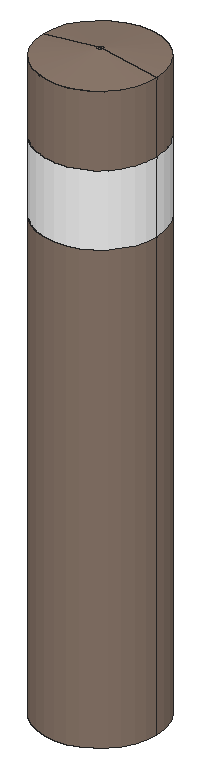
Revit family "BL6021", category Generic Models, Revit 2014
Parameters
  TOP CAP = Bronze, Architectural
  LENS = Acrylic
  BODY = Bronze, Architectural
Reference planes (in)
  plane 1 "Center (Front/Back)": y = 0
  plane 2: z = 0
  plane 3 "Center (Left/Right)": x = 0
Forms (in)
  Revolve 1, solid, material "Acrylic" <- "LENS"
    sketch origin (0, 0, 0) x (1, 0, 0) y (0, 0, 1)
      loop
        line (4, 31.48202) -> (4, 36.48202) -> (0, 36.48202) -> (0, 31.48202) -> (4, 31.48202)
      axis (0, 36.48202) -> (0, 31.48202)
    angle from 0 to 360
  Revolve 2, solid, material "Bronze, Architectural" <- "TOP CAP"
    sketch origin (0, 0, 0) x (1, 0, 0) y (0, 0, 1)
      loop
        line (0, 41.98207) -> (0, 36.48202) -> (4, 36.48202) -> (4, 41.48202) -> (0.19054, 41.96986) -> (0, 41.98207)
      axis (0, 36.48202) -> (0, 41.98207)
    angle from 0 to 360
  Revolve 3, solid, material "Bronze, Architectural" <- "BODY"
    sketch origin (0, 0, 0) x (1, 0, 0) y (0, 0, 1)
      loop
        line (4, -0.01798) -> (4, 31.48202) -> (0, 31.48202) -> (0, -0.01798) -> (4, -0.01798)
      axis (0, 31.48202) -> (0, -0.01798)
    angle from 0 to 360
Dimensions and locks (in)
  aligned and locked: plane 2 to level
